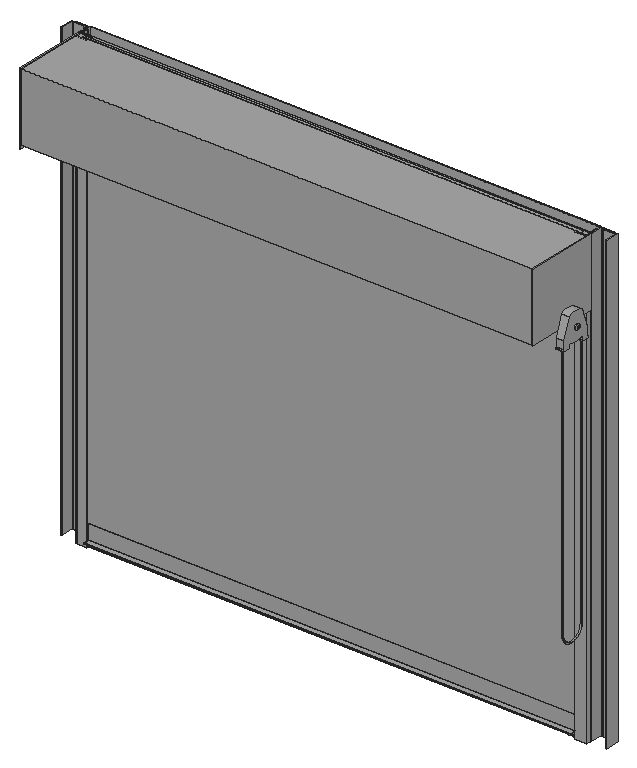
Revit family "Door-Thermiser_Max_BetweenJambMount_CornellIron", category Doors, host Wall, Revit 2013
Parameters (values of type "Hand-Chain Operated Stainless steel")
  Sizing Disclaimer = "30’ wide, 30’ high standard construction."  # constant formula
  Revit Object Download Link = "http://cornellcookson.smartbim.com/download/Door_Thermiser_Max_BetweenJambMount_CornellIron"
  Product Options = "Insulated Doors muffle unwanted sound. STC 27"  # constant formula
  Optional Operator Cover Right = no
  Optional Operator Cover Left = no
  Optional Material Desired = no
  Mounting = "Between Jambs"  # constant formula
  URL Specifications = "http://www.cornelliron.com/docs/default-source/Specifications/specification-thermiser-max-insulated-service-doors-cornell.doc?sfvrsn=3"
  URL Photographs = "http://www.cornelliron.com/inspiration-customization/project-gallery"
  URL CAD = "http://www.cornelliron.com/architect-tools-and-resources/drawing-generator"
  Motor Options = "Users should contact Cornell for available motors and electrical information."  # constant formula
  Motor Operator = no
  Materials Available = "Powder Coated Finish, Standard RAL Colors, Galv Steel, and Aluminum"  # constant formula
  Lintel Seal Note = "Nylon brush seal fitted at door header to impede air flow."  # constant formula
  Hood Note = "Neoprene/rayon baffle to impede airlow above coil."  # constant formula
  Hood = Metal - Cornell - Stainless Steel (Non-Curtain Components)
  Guides = Metal - Cornell - Stainless Steel (Non-Curtain Components)
  Guide Note = "Replaceable vinyl strip on guides sealing against fascia side of curtain."  # constant formula
  Function = Interior
  Hand Chain = yes
  Curtain = Metal - Cornell - Stainless Steel (Curtain only - 3In - Slat Spacing)
  Bottom Bar Following Curtain = "Replaceable, bulb-style, comprssible EDPM gasket extending into the guides. Or - Motor Operated Doors: Sensing/weather edge with neoprene astragal extending full width of door bottom bar."  # constant formula
  URL = "http://www.cornelliron.com/product/thermiser-max"
  Subcategory = "Overhead Doors"  # constant formula
  Wall Construction = "Masonry, Steel or Wood"  # constant formula
  Operator = Operator : Hand-Chain
  Representative Disclaimer = "Cornell Iron Works' products are sold and installed through a nationwide network of independent distributors."  # constant formula
  Distributor Locator = "http://www.cornelliron.com/contact-us"
  Operator Width = (Width - 2 * 0' 3 1/4") + 0' 3 7/16" * 2  # 12' - 0 3/8"
  Operation = ""
  From Coil Side Operate on Right = yes
  From Coil Side Operate on Left = not(From Coil Side Operate on Right)  # no
  Model = "ESD30"  # constant formula
  Manufacturer = "Cornell Iron Works"  # constant formula
  LEED Information = "http://www.cornelliron.com/architect-tools-and-resources/leed-information"
  Height = 10' - 0"
  Wall Closure = By host
  Width = 12' - 0"
  Description = "Built to order insulated rolling doors maintain different temperatures on each side of the door."  # constant formula
  Operator Height = Height / 1.5  # 6' - 8"
  Bottom Bar = Metal - Cornell - Stainless Steel (Non-Curtain Components)
  Assembly Code = "B2030410"
  Analytic Construction = "<None>"
  Air Infiltration = "Complies with ASHRAE 90.1 and 2012 IECC® (International Energy Conservation Code) requirements or less than .3 CFM/FT2.  Air infiltration rate of .27 CFM/FT2 validated by an independent testing agency for Face of Wall mounting configuration.  Test report to be made available upon request."  # constant formula
  ASHRAE and IECC 2012 Compliance = "Foam Block in Guides with Lintel Seal inserted with Vinyl.  Meets ASHRAE 90.1 and IECC 2012 air infitration requirements of less than .3 CFM/FT2.  (Face of Wall mounted configuration. Test results available upon request.)"  # constant formula
  95 CSI = "08330"  # constant formula
  Windload = "A full range of specific wind load requirements available - Consult Cornell Iron Works."  # constant formula
  Sound Transmission Class Rating = "The Sound Transmission Class (STC) rating for Thermise Max is up to 30 for the curtain and up to 22 for the entire assembly, as tested per ASTM E90, based on testing a complete, operable assembly. STC 32 Superimposed/double insulated curtain assemblies (also available) are tested per ASTM E90, based on testing a complete, operable door assembly."  # constant formula
  Coil Dimension Note = "17” to 36” - Consult Cornell Iron Works when dimensions are critical."  # constant formula
  Jamb Dimension Note = "Face of Wall:  With a minimum 1/2” setback and a maximum 5 3/4” packoff will  be sealed with foam guide seal. Consult Cornell Iron Works for all other cases."  # constant formula
  04 CSI = "08 33 00"  # constant formula
  Cost Note = "Based on size, materials selected. Consult Cornell."  # constant formula
Types (8): name | Motor Operator | Hood | Guides | Hand Chain | Curtain | Operator | From Coil Side Operate on Right | From Coil Side Operate on Left | Bottom Bar
  Hand-Chain Operated Galvanized Steel | no | Metal - Cornell - Galvanized or Plain Steel (Non-Curtain Components) | Metal - Cornell - Galvanized or Plain Steel (Non-Curtain Components) | yes | Metal - Cornell - Galvanized Steel (Curtain only - 3In - Slat Spacing) | Operator : Hand-Chain | yes | no | Metal - Cornell - Galvanized or Plain Steel (Non-Curtain Components)
  Hand-Chain Operated Stainless steel | no | Metal - Cornell - Stainless Steel (Non-Curtain Components) | Metal - Cornell - Stainless Steel (Non-Curtain Components) | yes | Metal - Cornell - Stainless Steel (Curtain only - 3In - Slat Spacing) | Operator : Hand-Chain | yes | no | Metal - Cornell - Stainless Steel (Non-Curtain Components)
  Motor Operated Galvanized Steel | yes | Metal - Cornell - Galvanized or Plain Steel (Non-Curtain Components) | Metal - Cornell - Galvanized or Plain Steel (Non-Curtain Components) | no | Metal - Cornell - Galvanized Steel (Curtain only - 3In - Slat Spacing) | Operator : Motor Operator | yes | no | Metal - Cornell - Galvanized or Plain Steel (Non-Curtain Components)
  Motor Operated Stainless Steel | yes | Metal - Cornell - Stainless Steel (Non-Curtain Components) | Metal - Cornell - Stainless Steel (Non-Curtain Components) | no | Metal - Cornell - Stainless Steel (Curtain only - 3In - Slat Spacing) | Operator : Motor Operator | no | yes | Metal - Cornell - Stainless Steel (Non-Curtain Components)
  Hand-Chain Operated Aluminum, mill finish | no | Metal - Cornell - Aluminum - Mill Finish (Non-Curtain Components) | Metal - Cornell - Aluminum - Mill Finish (Non-Curtain Components) | yes | Metal - Cornell - Aluminum - Mill Finish (Curtain only - 3In - Slat Spacing) | Operator : Hand-Chain | yes | no | Metal - Cornell - Aluminum - Mill Finish (Non-Curtain Components)
  Hand-Chain Operated Aluminum, clear anodized finish | no | Metal - Cornell - Aluminum - Clear Anodized Finish (Non-Curtain Components) | Metal - Cornell - Aluminum - Clear Anodized Finish (Non-Curtain Components) | yes | Metal - Cornell - Aluminum - Clear Anodized Finish (Curtain only - 3In - Slat Spacing) | Operator : Hand-Chain | yes | no | Metal - Cornell - Aluminum - Clear Anodized Finish (Non-Curtain Components)
  Motor Operated Aluminum, clear anodized finish | yes | Metal - Cornell - Aluminum - Clear Anodized Finish (Non-Curtain Components) | Metal - Cornell - Aluminum - Clear Anodized Finish (Non-Curtain Components) | no | Metal - Cornell - Aluminum - Clear Anodized Finish (Curtain only - 3In - Slat Spacing) | Operator : Motor Operator | yes | no | Metal - Cornell - Aluminum - Clear Anodized Finish (Non-Curtain Components)
  Motor Operated Aluminum, mill finish | yes | Metal - Cornell - Aluminum - Mill Finish (Non-Curtain Components) | Metal - Cornell - Aluminum - Mill Finish (Non-Curtain Components) | no | Metal - Cornell - Aluminum - Mill Finish (Curtain only - 3In - Slat Spacing) | Operator : Motor Operator | yes | no | Metal - Cornell - Aluminum - Mill Finish (Non-Curtain Components)
Reference planes (in)
  plane 1 "Center (Front/Back)": y = 0
  plane 2 "Center (Left/Right)": x = 36
  plane 3 "Left": x = -36
  plane 4 "Right": x = 108
  plane 5 "Top": z = 120
  plane 6 "Wall Edge": y = -4
  plane 7 "Left Edge of Hood": x = -42.75
  plane 8: y = -4
  plane 9 "Right Edge of Hood": x = 114.75
  plane 10 "Bottom Bar Alignment": y = -5.8765
  plane 11: y = -2.12013
  plane 12: x = -29.74865
  plane 13: x = 101.74865
  plane 14: x = -31.0625
  plane 15: z = 5.53516
  plane 16: x = 105.75
  plane 17: y = -11.65733
  plane 18: y = -19.31465
  plane 19: z = 102
  plane 20: x = -39
  plane 21: y = -33.25
  plane 22: y = -21.875
  plane 23: y = -1.12488
  plane 24: z = 102
  plane 25: y = -5.5
  plane 26: x = 103.0625
Forms (in)
  Sweep 1, solid, material "Metal - Cornell - Stainless Steel (Non-Curtain Components)" <- "Hood"
    path origin (0, -4, -11) x (-1, 0, 0) y (0, 0, 1)
      loop
        line (-103.4375, 124.35156) -> (31.438, 124.35156)
    profile "Profile_Hood : Profile_Hood" origin (35.99975, -4, 113.35156) x (0, 0, 1) y (0, 1, 0)
      loop
        line (6.64844, -17.875) -> (6.64844, 1.875) -> (-11.35156, 1.875) -> (-11.35156, -17.875) -> (6.64844, -17.875)
  Sweep 2, solid, material "Metal - Cornell - Stainless Steel (Non-Curtain Components)" <- "Bottom Bar"
    path origin (-37.26514, -4, 47.99916) x (-1, 0, 0) y (0, 0, 1)
      loop
        line (-137.51514, -48) -> (-9.01514, -48)
    profile "Profile_BottomBar : Profile_BottomBar" origin (36, -4, -0.00084) x (0, 0, 1) y (0, 1, 0)
      loop
        line (1.84214, 1.28791) -> (1.60324, 2.77486)
        arc (1.60324, 2.77486) -> (1.57787, 2.80943) -> (1.535, 2.80903) r 0.047
        line (1.535, 2.80903) -> (1.535, 2.61332) -> (1.75124, 1.26741) -> (0.453, 1.26741)
        arc (0.453, 1.26741) -> (0.33587, 1.252) -> (0.22671, 1.20684) r 0.453
        arc (0.22671, 1.20684) -> (0.12854, 1.13053) -> (0.05482, 1.03042) r 0.453
        arc (0.05482, 1.03042) -> (0.00923, 0.90541) -> (0.00194, 0.77254) r 0.453
        arc (0.00194, 0.77254) -> (0.03976, 0.62881) -> (0.12207, 0.50506) r 0.453
        arc (0.12207, 0.50506) -> (0.1705, 0.46028) -> (0.22493, 0.42301) r 0.453
        arc (0.22493, 0.42301) -> (0.33488, 0.37708) -> (0.453, 0.36141) r 0.453
        line (0.453, 0.36141) -> (1.629, 0.36141) -> (1.629, -1.04659)
        arc (1.629, -1.04659) -> (1.61992, -1.06851) -> (1.598, -1.07759) r 0.031
        line (1.598, -1.07759) -> (1.566, -1.07759)
        arc (1.566, -1.07759) -> (1.54408, -1.08667) -> (1.535, -1.10859) r 0.031
        line (1.535, -1.10859) -> (1.535, -1.17009)
        arc (1.535, -1.17009) -> (1.54877, -1.20333) -> (1.582, -1.21709) r 0.047
        line (1.582, -1.21709) -> (1.676, -1.21709)
        arc (1.676, -1.21709) -> (1.70923, -1.20333) -> (1.723, -1.17009) r 0.047
        line (1.723, -1.17009) -> (1.723, 0.34491) -> (5.536, 0.34491) -> (5.536, 1.28791) -> (1.84214, 1.28791)
  Extrusion 3, solid, material "Metal - Cornell - Stainless Steel (Non-Curtain Components)" <- "Hood"
    sketch origin (0, -0.73439, 121.99245) x (1, 0, 0) y (0, 1, 0)
      loop
        line (-31.0625, 1.48439) -> (103.0625, 1.48439) -> (103.0625, 1.60939) -> (-31.0625, 1.60939) -> (-31.0625, 1.48439)
    from -19.99245 to -1.99245
  Extrusion 4, solid, material "Metal - Cornell - Stainless Steel (Curtain only - 3In - Slat Spacing)" <- "Curtain"
    sketch origin (1.25, 0, 0) x (1, 0, 0) y (0, 1, 0)
      loop
        line (-30.99865, -2.875) -> (-30.99865, -3.5) -> (100.49865, -3.5) -> (100.49865, -2.875) -> (-30.99865, -2.875)
    from 5.53516 to 120
Lines and regions (in)
  Opening 1
    outline origin (-98, -4, 0) x (1, 0, 0) y (0, 0, 1)
      loop
        line (62, 0) -> (206, 0) -> (206, 120) -> (62, 120) -> (62, 0)
  symbolic lines, style "Roller Chamber"
    curve 1: line (-31.438, -4, 0) -> (-36, -4, 0)
    curve 2: line (108, -4, 0) -> (103.4375, -4, 0)
  symbolic lines, style "Doors"
    curve 3: line (-28.25, -1.18559, 0) -> (-28.25, -2.875, 0)
    curve 4: line (-28.25, -5.21709, 0) -> (100.25, -5.21709, 0)
    curve 5: line (100.25, -1.18559, 0) -> (100.25, -2.875, 0)
    curve 6: line (-29.74865, -2.875, 0) -> (101.74865, -2.875, 0)
    curve 7: line (-29.74865, -3.5, 0) -> (-29.74865, -2.875, 0)
    curve 8: line (101.74865, -3.5, 0) -> (-29.74865, -3.5, 0)
    curve 9: line (101.74865, -2.875, 0) -> (101.74865, -3.5, 0)
    curve 10: line (100.25, -3.5, 0) -> (100.25, -5.21709, 0)
    curve 11: line (-28.25, -3.5, 0) -> (-28.25, -5.21709, 0)
    curve 12: line (-28.25, -1.18559, 0) -> (100.25, -1.18559, 0)
Text (in)
  text "Exterior" at (-74.96733, 27.31104, 0), in view "Ref. Level"
  text "Interior" at (-74.96733, -25.14366, 0), in view "Ref. Level"
  text "Exterior" at (0, 40.15149, 123.01588), in view "Right"
  text "Interior" at (0, -64.39139, 123.01588), in view "Right"
  text "Interior" at (0, -63.63426, 123.00693), in view "Left"
  text "Exterior" at (0, 54.57065, 123.00693), in view "Left"
Dimensions and locks (in)
  equal spacing: plane 3 "Left", plane 2 "Center (Left/Right)", plane 4 "Right"
  "Height": level to plane 5 "Top"
  "Width": plane 3 "Left" to plane 4 "Right"
  locked: plane 7 "Left Edge of Hood" to plane 3 "Left" at 6.75
  locked: plane 8 to plane 6 "Wall Edge"
  locked: plane 9 "Right Edge of Hood" to plane 4 "Right" at 6.75
  locked: plane 10 "Bottom Bar Alignment" to plane 8 at 1.8765
  locked: plane 11 to host wall at 2.12013
  locked: plane 3 "Left" to plane 12 at 6.25135
  locked: plane 13 to plane 4 "Right" at 6.25135
  locked: Extrusion 3 sketch curve to Extrusion 3 sketch curve at 0.125
  locked: Extrusion 3 to Extrusion 3 at 0.125
  locked: plane 14 to plane 12 at 1.31385
  locked: level to plane 15 at 5.53516
  Sweep 1 to plane 16 to plane 4 "Right" = 0' - 2 5/16", 0' - 2 1/4"
  equal spacing: plane 6 "Wall Edge", plane 17, plane 18
  locked: plane 8 to plane 18 at 15.31465
  plane 20 to plane 3 "Left" to Sweep 1 = 0' - 3", 0' - 4.562"
  plane 14 to Extrusion 4 sketch curve = 0' - 1.31385"
  locked: Extrusion 4 sketch curve to Extrusion 4 sketch curve at 0.625
  locked: plane 22 to plane 21 at 11.375
  locked: host wall to plane 22 at 17.875
  locked: plane 5 "Top" to plane 24 at 18
  plane 24 to level = 8' - 6"
  locked: Extrusion 4 sketch curve to nested 2 at 0.5
  locked: plane 19 to plane 5 "Top" at 18
  plane 3 "Left" to plane 4 "Right" = 12' - 0"
  locked: plane 3 "Left" to Sweep 1 sketch curve at 4.562
  locked: Sweep 1 sketch curve to plane 4 "Right" at 4.5625
  locked: plane 13 to plane 26 at 1.31385
  aligned and locked: plane 3 "Left" to Opening 1 sketch curve
  aligned and locked: plane 5 "Top" to Opening 1 sketch curve  (x2)
  aligned and locked: Opening 1 sketch curve to plane 4 "Right"
  aligned and locked: Opening 1 sketch curve to level
  aligned and locked: plane 6 "Wall Edge" to host wall
  aligned and locked: plane 8 to nested 1
  aligned and locked: plane 8 to nested 2
  aligned and locked: nested 2 to Sweep 2 sketch curve
  aligned and locked: nested 1 to Sweep 2 sketch curve
  aligned and locked: plane 3 "Left" to curve 1
  aligned and locked: Sweep 1 to curve 1
  aligned and locked: plane 6 "Wall Edge" to curve 1
  aligned and locked: plane 4 "Right" to curve 2
  aligned and locked: curve 2 to plane 6 "Wall Edge"
  aligned and locked: plane 19 to Extrusion 3
  aligned and locked: Extrusion 3 to plane 5 "Top"
  aligned and locked: Sweep 1 to curve 2
  aligned: nested 1 to plane 3 "Left"
  aligned and locked: nested 2 to plane 4 "Right"
  aligned and locked: plane 15 to Sweep 2
  aligned and locked: Extrusion 4 to plane 13
  aligned and locked: plane 12 to Extrusion 4
  aligned: nested 3 to plane 24
  aligned and locked: plane 14 to Extrusion 3
  aligned and locked: Extrusion 4 to plane 5 "Top"
  aligned: nested 3 to plane 22
  aligned and locked: Extrusion 3 sketch curve to nested 2
  aligned and locked: Extrusion 4 to plane 15
  aligned: nested 4 to Sweep 1
  aligned: nested 4 to nested 3
  aligned: nested 5 to nested 3  (x2)
  aligned: nested 3 to nested 5
  aligned: nested 5 to Sweep 1
  aligned: plane 2 "Center (Left/Right)" to nested 3
  aligned and locked: Sweep 1 to nested 4
  aligned and locked: nested 4 to nested 2
  aligned and locked: nested 3 to Sweep 1  (x2)
  aligned and locked: plane 5 "Top" to nested 3
  aligned and locked: nested 4 to plane 5 "Top"
  aligned and locked: nested 5 to Sweep 1  (x2)
  aligned and locked: nested 5 to plane 5 "Top"
  aligned and locked: nested 1 to plane 3 "Left"
  aligned and locked: Extrusion 3 sketch curve to plane 14
  aligned and locked: plane 26 to Extrusion 3 sketch curve
  aligned and locked: nested 1 to level
  aligned and locked: level to nested 2
  aligned and locked: Sweep 1 to plane 5 "Top"
  aligned and locked: Sweep 2 to curve 3
  aligned and locked: Sweep 2 to curve 4
  aligned and locked: Sweep 2 to curve 5
  aligned and locked: curve 4 to curve 10
Automatic sketch dimensions
  Sweep 1 sketch curve to plane 19 = 0' - 11 45/128"
  Sweep 2 sketch curve to level = 0' - 0.00084"
  plane 13 to Extrusion 4 sketch curve = 0' - 0"
  curve 7 to plane 12 = 0' - 0"
  curve 9 to plane 13 = 0' - 0"
  curve 10 to plane 10 "Bottom Bar Alignment" = 0' - 0.65941"
  curve 10 to plane 13 = 0' - 1.49865"
  curve 9 to host wall = 0' - 0 1/2"
  curve 7 to curve 7 = 0' - 0 5/8"
  plane 23 to curve 3 = 0' - 0.06072"
Nested families (in)
  nested 1: "Jamb_Guide-Wall" at (-33.75, 0.5, 0), type "Guide"
  nested 2: "Jamb_Guide-Wall" at (105.75, 0.5, 0) x (-1, 0, 0) z (0, 0, 1), type "Guide"
  nested 3: "Operator" at (35.9995, -2.125, 31.5), type <- "Operator", type "Hand-Chain"
  nested 4: "Palte_CornellIron" at (103.563, -11.875, 83.62409), type "Right Plate"
    with Plate no
  nested 5: "Palte_CornellIron" at (-31.563, -11.875, 83.62409), type "Left Plate"
    with Plate yes
Definition of nested family "Jamb_Guide-Wall"
  Parameters (values of type "Guide")
    Height = 10' - 0"
    Guide = Metal - Cornell - Stainless Steel (Non-Curtain Components)
    Assembly Code = ""
  Reference planes (in)
    plane 1 "Center (Front/Back)": y = 0
    plane 2: z = 0
    plane 3 "Center (Left/Right)": x = 0.0625
    plane 4: z = 120
    plane 5 "Center Line": x = 2.3125
    plane 6: y = -0.25
    plane 7: x = 5.5
    plane 8: x = -2.25
    plane 9: y = 0.25
    plane 10: y = -4.5
    plane 11: y = -2.25
  Forms (in)
    Extrusion 1, solid, material "Metal - Cornell - Stainless Steel (Non-Curtain Components)" <- "Guide"
      sketch origin (-14.10276, 14.79848, 0) x (1, 0, 0) y (0, 1, 0)
        loop
          line (12.10276, -18.17348) -> (12.10276, -15.17348)
          arc (12.10276, -15.17348) -> (12.13937, -15.08509) -> (12.22776, -15.04848) r 0.125
          line (12.22776, -15.04848) -> (15.22776, -15.04848)
          arc (15.22776, -15.04848) -> (15.31614, -15.01187) -> (15.35276, -14.92348) r 0.125
          line (15.35276, -14.92348) -> (15.35276, -14.79848) -> (11.85276, -14.79848) -> (11.85276, -18.29848) -> (11.97776, -18.29848)
          arc (11.97776, -18.29848) -> (12.06614, -18.26187) -> (12.10276, -18.17348) r 0.125
      from 0 to 120
    Extrusion 2, solid, material "Metal - Cornell - Stainless Steel (Non-Curtain Components)" <- "Guide"
      sketch origin (-14.10276, 14.79848, 0) x (1, 0, 0) y (0, 1, 0)
        loop
          line (13.03976, -14.79848) -> (16.03976, -14.79848)
          arc (16.03976, -14.79848) -> (16.12814, -14.83509) -> (16.16476, -14.92348) r 0.125
          line (16.16476, -14.92348) -> (16.16476, -17.92348)
          arc (16.16476, -17.92348) -> (16.20137, -18.01187) -> (16.28976, -18.04848) r 0.125
          line (16.28976, -18.04848) -> (16.41476, -18.04848) -> (16.41476, -14.54848) -> (12.91476, -14.54848) -> (12.91476, -14.67348)
          arc (12.91476, -14.67348) -> (12.95137, -14.76187) -> (13.03976, -14.79848) r 0.125
      from 0 to 120
    Extrusion 3, solid, material "Metal - Cornell - Stainless Steel (Non-Curtain Components)" <- "Guide"
      sketch origin (0, 0, 0) x (1, 0, 0) y (0, 1, 0)
        loop
          line (2.4995, -2.9375) -> (5.4995, -2.9375) -> (5.4995, -2.84375)
          arc (5.4995, -2.84375) -> (5.47204, -2.77746) -> (5.40575, -2.75) r 0.09375
          line (5.40575, -2.75) -> (2.78075, -2.75)
          arc (2.78075, -2.75) -> (2.71446, -2.72254) -> (2.687, -2.65625) r 0.09375
          line (2.687, -2.65625) -> (2.687, -1.03125)
          arc (2.687, -1.03125) -> (2.65954, -0.96496) -> (2.59325, -0.9375) r 0.09375
          line (2.59325, -0.9375) -> (2.4995, -0.9375) -> (2.4995, -2.9375)
      from 0 to 120
    Extrusion 4, solid, material "Metal - Cornell - Stainless Steel (Non-Curtain Components)" <- "Guide"
      sketch origin (0, 0, 0) x (1, 0, 0) y (0, 1, 0)
        loop
          line (5.21825, -4.3125) -> (2.59325, -4.3125)
          arc (2.59325, -4.3125) -> (2.52696, -4.28504) -> (2.4995, -4.21875) r 0.09375
          line (2.4995, -4.21875) -> (2.4995, -1.59375)
          arc (2.4995, -1.59375) -> (2.47204, -1.52746) -> (2.40575, -1.5) r 0.09375
          line (2.40575, -1.5) -> (2.312, -1.5) -> (2.312, -4.5) -> (5.312, -4.5) -> (5.312, -4.40625)
          arc (5.312, -4.40625) -> (5.28454, -4.33996) -> (5.21825, -4.3125) r 0.09375
      from 0 to 120
  Lines and regions (in)
    symbolic lines, style "GenericModel"
      curve 1: line (-2.25, 0, 0) -> (-2.25, -3.5, 0)
      curve 2: line (1.25, 0, 0) -> (-2.25, 0, 0)
      curve 3: line (-2, -3.375, 0) -> (-2, -0.375, 0)
      curve 4: line (-1.875, -0.25, 0) -> (1.125, -0.25, 0)
      curve 5: line (-2.25, -3.5, 0) -> (-2.125, -3.5, 0)
      curve 6: arc (-2.125, -3.5, 0) -> (-2.03661, -3.46339, 0) -> (-2, -3.375, 0) r 0.125
      curve 7: arc (-2, -0.375, 0) -> (-1.96339, -0.28661, 0) -> (-1.875, -0.25, 0) r 0.125
      curve 8: arc (1.125, -0.25, 0) -> (1.21339, -0.21339, 0) -> (1.25, -0.125, 0) r 0.125
      curve 9: line (1.25, -0.125, 0) -> (1.25, 0, 0)
      curve 10: line (2.312, 0.25, 0) -> (-1.188, 0.25, 0)
      curve 11: line (2.312, -3.25, 0) -> (2.312, 0.25, 0)
      curve 12: line (2.062, -0.125, 0) -> (2.062, -3.125, 0)
      curve 13: line (-1.063, 0, 0) -> (1.937, 0, 0)
      curve 14: arc (1.937, 0, 0) -> (2.02539, -0.03661, 0) -> (2.062, -0.125, 0) r 0.125
      curve 15: arc (-1.188, 0.125, 0) -> (-1.15139, 0.03661, 0) -> (-1.063, 0, 0) r 0.125
      curve 16: line (-1.188, 0.25, 0) -> (-1.188, 0.125, 0)
      curve 17: arc (2.062, -3.125, 0) -> (2.09861, -3.21339, 0) -> (2.187, -3.25, 0) r 0.125
      curve 18: line (2.187, -3.25, 0) -> (2.312, -3.25, 0)
      curve 19: line (2.312, -1.5, 0) -> (2.312, -4.5, 0)
      curve 20: line (2.4995, -4.21875, 0) -> (2.4995, -1.59375, 0)
      curve 21: line (5.21825, -4.3125, 0) -> (2.59325, -4.3125, 0)
      curve 22: line (2.312, -4.5, 0) -> (5.312, -4.5, 0)
      curve 23: arc (2.59325, -4.3125, 0) -> (2.52696, -4.28504, 0) -> (2.4995, -4.21875, 0) r 0.09375
      curve 24: line (5.312, -4.5, 0) -> (5.312, -4.40625, 0)
      curve 25: arc (5.312, -4.40625, 0) -> (5.28454, -4.33996, 0) -> (5.21825, -4.3125, 0) r 0.09375
      curve 26: arc (2.4995, -1.59375, 0) -> (2.47204, -1.52746, 0) -> (2.40575, -1.5, 0) r 0.09375
      curve 27: line (2.40575, -1.5, 0) -> (2.312, -1.5, 0)
      curve 28: line (2.4995, -0.9375, 0) -> (2.4995, -2.9375, 0)
      curve 29: line (2.4995, -2.9375, 0) -> (5.4995, -2.9375, 0)
      curve 30: line (2.687, -2.65625, 0) -> (2.687, -1.03125, 0)
      curve 31: arc (2.78075, -2.75, 0) -> (2.71446, -2.72254, 0) -> (2.687, -2.65625, 0) r 0.09375
      curve 32: line (5.4995, -2.9375, 0) -> (5.4995, -2.84375, 0)
      curve 33: arc (5.4995, -2.84375, 0) -> (5.47204, -2.77746, 0) -> (5.40575, -2.75, 0) r 0.09375
      curve 34: arc (2.687, -1.03125, 0) -> (2.65954, -0.96496, 0) -> (2.59325, -0.9375, 0) r 0.09375
      curve 35: line (2.59325, -0.9375, 0) -> (2.4995, -0.9375, 0)
      curve 36: line (5.40575, -2.75, 0) -> (2.78075, -2.75, 0)
  Dimensions and locks (in)
    "Height": plane 4 to plane 2
    aligned and locked: plane 2 to level
    aligned and locked: Extrusion 1 to level
    aligned and locked: plane 4 to Extrusion 1
    aligned and locked: plane 4 to Extrusion 2
    aligned and locked: Extrusion 2 to level
    aligned and locked: Extrusion 3 to level
    aligned and locked: plane 4 to Extrusion 3
    aligned and locked: Extrusion 4 to level
    aligned and locked: plane 4 to Extrusion 4
    aligned and locked: curve 1 to Extrusion 1
    aligned and locked: curve 2 to Extrusion 1
    aligned and locked: curve 3 to Extrusion 1
    aligned and locked: curve 4 to Extrusion 1
    aligned and locked: curve 5 to Extrusion 1
    aligned and locked: curve 6 to Extrusion 1
    aligned and locked: curve 7 to Extrusion 1
    aligned and locked: curve 8 to Extrusion 1
    aligned and locked: curve 9 to Extrusion 1
    aligned and locked: curve 10 to Extrusion 2
    aligned and locked: curve 11 to Extrusion 2
    aligned and locked: curve 12 to Extrusion 2
    aligned and locked: curve 13 to Extrusion 2
    aligned and locked: curve 14 to Extrusion 2
    aligned and locked: curve 15 to Extrusion 2
    aligned and locked: curve 16 to Extrusion 2
    aligned and locked: curve 17 to Extrusion 2
    aligned and locked: curve 18 to Extrusion 2
    aligned and locked: curve 19 to Extrusion 4
    aligned and locked: curve 20 to Extrusion 4
    aligned and locked: curve 21 to Extrusion 4
    aligned and locked: curve 22 to Extrusion 4
    aligned and locked: curve 23 to Extrusion 4
    aligned and locked: curve 24 to Extrusion 4
    aligned and locked: curve 25 to Extrusion 4
    aligned and locked: curve 26 to Extrusion 4
    aligned and locked: curve 27 to Extrusion 4
    aligned and locked: curve 28 to Extrusion 3
    aligned and locked: curve 29 to Extrusion 3
    aligned and locked: curve 30 to Extrusion 3
    aligned and locked: curve 31 to Extrusion 3
    aligned and locked: curve 32 to Extrusion 3
    aligned and locked: curve 33 to Extrusion 3
    aligned and locked: curve 34 to Extrusion 3
    aligned and locked: curve 35 to Extrusion 3
    aligned and locked: curve 36 to Extrusion 3
  Automatic sketch dimensions
    Extrusion 1 sketch curve to plane 7 = 0' - 7 3/4"
    Extrusion 1 sketch curve to Extrusion 1 sketch curve = 0' - 0 1/8"  (x4)
    Extrusion 1 sketch curve to Extrusion 1 sketch curve = 0' - 0 1/4"
    Extrusion 1 sketch curve to Extrusion 1 sketch curve = 0' - 3"  (x2)
    plane 10 to Extrusion 1 sketch curve = 0' - 1"
    Extrusion 2 sketch curve to plane 9 = 0' - 0"
    Extrusion 2 sketch curve to plane 1 "Center (Front/Back)" = 0' - 0"
    plane 8 to Extrusion 2 sketch curve = 0' - 1.062"
    Extrusion 2 sketch curve to Extrusion 2 sketch curve = 0' - 0 1/8"  (x3)
    Extrusion 2 sketch curve to plane 5 "Center Line" = 0' - 0.3755"
    plane 5 "Center Line" to Extrusion 3 sketch curve = 0' - 0.187"
    Extrusion 3 sketch curve to Extrusion 3 sketch curve = 0' - 0 3/32"  (x4)
    Extrusion 3 sketch curve to plane 7 = 0' - 0.09425"
    Extrusion 3 sketch curve to plane 7 = 0' - 0.0005"
    Extrusion 3 sketch curve to plane 11 = 0' - 0 11/16"
    Extrusion 3 sketch curve to plane 6 = 0' - 0 25/32"
    Extrusion 2 sketch curve to plane 5 "Center Line" = 0' - 0.0005"
    Extrusion 2 sketch curve to plane 11 = 0' - 0 7/8"
    Extrusion 4 sketch curve to plane 10 = 0' - 0"
    Extrusion 4 sketch curve to plane 5 "Center Line" = 0' - 0.0005"
    plane 5 "Center Line" to Extrusion 4 sketch curve = 0' - 0.09325"
    plane 5 "Center Line" to Extrusion 4 sketch curve = 0' - 0.187"
    Extrusion 4 sketch curve to Extrusion 4 sketch curve = 0' - 0 3/32"  (x2)
    Extrusion 4 sketch curve to plane 7 = 0' - 0.28175"
    plane 10 to Extrusion 4 sketch curve = 0' - 0 3/32"
    plane 11 to Extrusion 4 sketch curve = 0' - 0 21/32"
    plane 1 "Center (Front/Back)" to curve 2 = 0' - 0"
    curve 2 to plane 8 = 0' - 0"
    curve 2 to plane 5 "Center Line" = 0' - 1 1/16"
    plane 10 to curve 1 = 0' - 1"
    curve 4 to plane 6 = 0' - 0"
    curve 1 to curve 5 = 0' - 0 1/8"
    curve 3 to curve 4 = 0' - 0 1/8"
    curve 4 to curve 2 = 0' - 0 1/8"
    curve 5 to curve 3 = 0' - 0 1/8"
    curve 11 to plane 9 = 0' - 0"
    curve 11 to plane 5 "Center Line" = 0' - 0.0005"
    curve 4 to curve 10 = 0' - 0.687"
    curve 11 to plane 11 = 0' - 1"
    plane 1 "Center (Front/Back)" to curve 13 = 0' - 0"
    curve 13 to plane 5 "Center Line" = 0' - 0.3755"
    plane 1 "Center (Front/Back)" to curve 12 = 0' - 0 1/8"
    curve 10 to curve 13 = 0' - 0 1/8"
    curve 11 to curve 12 = 0' - 0 1/8"
    curve 15 to curve 13 = 0' - 0"
    curve 19 to plane 10 = 0' - 0"
    curve 19 to plane 5 "Center Line" = 0' - 0.0005"
    curve 22 to plane 7 = 0' - 0.188"
    plane 10 to curve 21 = 0' - 0 3/16"
    curve 21 to curve 20 = 0' - 0 3/32"
    plane 11 to curve 20 = 0' - 0 21/32"
    curve 20 to curve 19 = 0' - 0 3/32"
    plane 10 to curve 24 = 0' - 0 3/32"
    plane 5 "Center Line" to curve 26 = 0' - 0.09325"
    plane 5 "Center Line" to curve 29 = 0' - 0.187"
    curve 29 to plane 7 = 0' - 0.0005"
    curve 26 to curve 28 = 0' - 0 9/16"
    curve 30 to plane 11 = 0' - 0 13/32"
    curve 30 to curve 31 = 0' - 0 3/32"
    curve 30 to curve 28 = 0' - 0 3/32"
    curve 29 to curve 32 = 0' - 0 3/32"
    curve 33 to plane 7 = 0' - 0.09425"
    curve 28 to curve 34 = 0' - 0 3/32"
Definition of nested family "Operator"
  Parameters (values of type "Motor Operator")
    Width = 12' - 0 3/8"
    Straight = no
    Right Visibility = yes
    Optional Operator Cover Right = no
    Optional Operator Cover Left = no
    Operator Height = 6' - 8"
    Motor Visibility = not(Motor)  # yes
    Motor = no
    Material = Metal - Cornell - Aluminum - Clear Anodized Finish (Non-Curtain Components)
    Left Visibility = no
    Chain = no
    Bottom Bar = Metal - Cornell - Aluminum - Clear Anodized Finish (Non-Curtain Components)
    Assembly Code = ""
  Types (2): name | Straight | Chain
    Hand-Chain | yes | yes
    Motor Operator | no | no
  Reference planes (in)
    plane 1 "Center (Front/Back)": y = 0
    plane 2: z = 0
    plane 3 "Center (Left/Right)": x = 0
    plane 4: x = 72.1875
    plane 5: x = -72.1875
    plane 6: x = 67.4375
    plane 7: x = -67.4375
    plane 8: y = -18
    plane 9: z = 88.05919
  Forms (in)
    Extrusion 1, solid, material "Metal - Cornell - Aluminum - Clear Anodized Finish (Non-Curtain Components)" <- "Material", visible <- "Optional Operator Cover Right"
      sketch origin (73.3125, -8.5, 15.98274) x (1, 0, 0) y (0, 1, 0)
        loop
          line (-5.625, 8.5) -> (-5.625, 8.25) -> (-1.5, 8.25) -> (-1.5, -11) -> (-5.625, -11) -> (-5.625, -11.25) -> (-1.25, -11.25) -> (-1.25, 8.5) -> (-5.625, 8.5)
      from 54.51726 to 72.51726
    Extrusion 2, solid, material "Metal - Cornell - Aluminum - Clear Anodized Finish (Non-Curtain Components)" <- "Material", visible <- "Optional Operator Cover Right"
      sketch origin (73.3125, -8.5, 15.98274) x (1, 0, 0) y (0, 1, 0)
        loop
          line (-1.5, -11) -> (-1.5, 8.25) -> (-5.625, 8.25) -> (-5.625, -11) -> (-1.5, -11)
      from 72.07644 to 72.51726
    Extrusion 3, solid, material "Metal - Cornell - Aluminum - Clear Anodized Finish (Non-Curtain Components)" <- "Material", visible <- "Optional Operator Cover Left"
      sketch origin (-73.3125, -10.25, 15.98274) x (-1, 0, 0) y (0, -1, 0)
        loop
          line (-5.625, -8.5) -> (-1.25, -8.5) -> (-1.25, 9.5) -> (-5.625, 9.5) -> (-5.625, 9.25) -> (-1.5, 9.25) -> (-1.5, -8.25) -> (-5.625, -8.25) -> (-5.625, -8.5)
      from 54.51726 to 72.51726
    Extrusion 4, solid, material "Metal - Cornell - Aluminum - Clear Anodized Finish (Non-Curtain Components)" <- "Material", visible <- "Optional Operator Cover Left"
      sketch origin (-73.3125, -10.25, 15.98274) x (-1, 0, 0) y (0, -1, 0)
        loop
          line (-1.5, 9.25) -> (-5.625, 9.25) -> (-5.625, -8.25) -> (-1.5, -8.25) -> (-1.5, 9.25)
      from 71.67269 to 72.51726
  Lines and regions (in)
    symbolic lines, style "GenericModelHiddenLines", visible <- "Right Visibility"
      curve 1: line (-67.4375, -19.75, 0) -> (46.4375, -19.75, 0)
    symbolic lines, style "GenericModelHiddenLines", visible <- "Left Visibility"
      curve 2: line (-46.4375, -19.75, 0) -> (67.6875, -19.75, 0)
    symbolic lines, style "GenericModelHiddenLines", visible <- "Straight"
      curve 3: line (-67.4375, -19.75, 0) -> (67.6875, -19.75, 0)
    symbolic lines, style "GenericModelHiddenLines", visible <- "Motor Visibility"
      curve 4: line (-67.4375, -19.75, 0) -> (67.6875, -19.75, 0)
    symbolic lines, style "GenericModelHiddenLines"
      curve 5: line (-67.4375, -19.75, 0) -> (-67.4375, -1.875, 0)
      curve 6: line (67.6875, -19.75, 0) -> (67.6875, -1.875, 0)
  Dimensions and locks (in)
    equal spacing: plane 5, plane 3 "Center (Left/Right)", plane 4
    "Width": plane 5 to plane 4
    locked: plane 6 to plane 4 at 4.75
    locked: plane 5 to plane 7 at 4.75
    locked: plane 1 "Center (Front/Back)" to plane 8 at 18
    locked: curve 5 to plane 1 "Center (Front/Back)" at 1.875
    locked: curve 6 to plane 1 "Center (Front/Back)" at 1.875
    locked: Extrusion 1 to plane 9 at 0.44081
    aligned and locked: nested 1 to plane 6
    aligned: nested 3 to plane 7
    aligned: plane 7 to nested 3
    aligned: plane 7 to nested 4  (x2)
    aligned and locked: nested 1 to nested 2
    aligned and locked: nested 2 to nested 1
    aligned and locked: nested 2 to curve 6
    aligned and locked: plane 7 to nested 4
    aligned and locked: curve 5 to plane 7
    aligned and locked: nested 3 to plane 7
    aligned: Extrusion 2 sketch curve to Extrusion 1
    aligned and locked: Extrusion 2 sketch curve to Extrusion 1  (x2)
    aligned and locked: Extrusion 4 sketch curve to Extrusion 3  (x2)
    aligned and locked: Extrusion 3 to Extrusion 4 sketch curve
    aligned and locked: curve 6 to Extrusion 2 sketch curve
    aligned and locked: curve 6 to Extrusion 1 sketch curve
    aligned and locked: Extrusion 1 to nested 1  (x2)
    aligned and locked: Extrusion 2 to nested 1
    aligned and locked: Extrusion 2 to plane 9
    aligned and locked: Extrusion 3 to nested 4
    aligned and locked: nested 4 to Extrusion 3
    aligned and locked: nested 4 to Extrusion 4
    aligned and locked: nested 4 to Extrusion 3 sketch curve
    aligned and locked: Extrusion 3 sketch curve to nested 4
  Automatic sketch dimensions
    curve 1 to plane 6 = 1' - 9"
    curve 6 to plane 8 = 0' - 1 3/4"
    curve 3 to curve 2 = 1' - 9"
    plane 4 to Extrusion 1 sketch curve = 0' - 4 1/2"
    Extrusion 1 sketch curve to Extrusion 1 sketch curve = 0' - 4 1/8"
    Extrusion 1 sketch curve to Extrusion 1 sketch curve = 0' - 0 1/4"  (x3)
    Extrusion 1 sketch curve to plane 8 = 0' - 1 3/4"
    plane 8 to Extrusion 1 sketch curve = 1' - 5 3/4"
    Extrusion 3 sketch curve to Extrusion 3 sketch curve = 0' - 4 1/8"
    Extrusion 3 sketch curve to Extrusion 3 sketch curve = 0' - 0 1/4"  (x3)
    plane 8 to Extrusion 3 sketch curve = 1' - 4 1/4"
    Extrusion 3 sketch curve to Extrusion 3 sketch curve = 1' - 5 1/2"
    Extrusion 4 sketch curve to Extrusion 4 sketch curve = 0' - 4 1/8"
    Extrusion 2 sketch curve to plane 8 = 0' - 1 1/2"
  Nested families (in)
    nested 1: "Pull-Down-Pole" at (73.3125, -8.5, 0), visible <- "Right Visibility", type "Right Operator"
      with Motor no, Chain no
    nested 2: "Motor" at (46.6875, -19.75, 0), visible <- "Right Visibility", type "Motor"
      with Motor no
    nested 3: "Motor" at (-67.4375, -19.75, 0), visible <- "Left Visibility", type "Motor 2"
      with Motor no
    nested 4: "Pull-Down-Pole" at (-73.3125, -8.5, 0) x (-1, 0, 0) z (0, 0, 1), visible <- "Left Visibility", type "Left Operator"
      with Motor no, Chain no
  Definition of nested family "Motor"
    Parameters (values of type "Motor 2")
      Motor = yes
      Assembly Code = ""
    Types (2): name
      Motor 2
      Motor
    Reference planes (in)
      plane 1 "Center (Front/Back)": y = 0
      plane 2: z = 0
      plane 3 "Center (Left/Right)": x = 0
    Lines and regions (in)
      symbolic lines, style "GenericModelHiddenLines", visible <- "Motor"
        curve 1: line (0, -1.75, 0) -> (0, -11.375, 0)
        curve 2: line (0, -11.375, 0) -> (21, -11.375, 0)
        curve 3: line (21, -11.375, 0) -> (21, -1.75, 0)
    Dimensions and locks (in)
      aligned: curve 1 to plane 3 "Center (Left/Right)"
Definition of nested family "Palte_CornellIron"
  Parameters (values of type "Right Plate")
    Width = 1' - 8"
    Material = none
    Plate = yes
    Height = 1' - 7"
    Assembly Code = ""
  Types (2): name | Plate
    Right Plate | yes
    Left Plate | no
  Reference planes (in)
    plane 1 "Center (Front/Back)": y = 0
    plane 2: z = 0
    plane 3 "Center (Left/Right)": x = 0
    plane 4: z = 36.37591
    plane 5: z = 26.87591
    plane 6: z = 17.37591
    plane 7: y = -10
    plane 8: y = 10
    plane 9: x = -0.125
    plane 10: x = 0.125
  Forms (in)
    Extrusion 1, solid, material <- "Material", visible <- "Plate"
      sketch origin (78.5625, 12.76662, -83.62409) x (0, 1, 0) y (0, 0, -1)
        loop
          line (-2.76662, -101) -> (-22.76662, -101) -> (-22.76662, -120) -> (-2.76662, -120) -> (-2.76662, -101)
      from 78.4375 to 78.6875
  Dimensions and locks (in)
    equal spacing: plane 4, plane 5, plane 6
    "Width": plane 8 to plane 7
    "Height": plane 4 to plane 6
    equal spacing: plane 8, plane 1 "Center (Front/Back)", plane 7
    aligned and locked: plane 6 to Extrusion 1
    aligned and locked: plane 4 to Extrusion 1
    aligned and locked: plane 8 to Extrusion 1
    aligned and locked: plane 7 to Extrusion 1
    aligned and locked: plane 9 to Extrusion 1
    aligned and locked: Extrusion 1 to plane 10
  Automatic sketch dimensions
    Extrusion 1 sketch curve to plane 6 = 0' - 0"
    Extrusion 1 sketch curve to plane 4 = 0' - 0"
    plane 1 "Center (Front/Back)" to Extrusion 1 sketch curve = 0' - 10"
    Extrusion 1 sketch curve to plane 1 "Center (Front/Back)" = 0' - 10"
